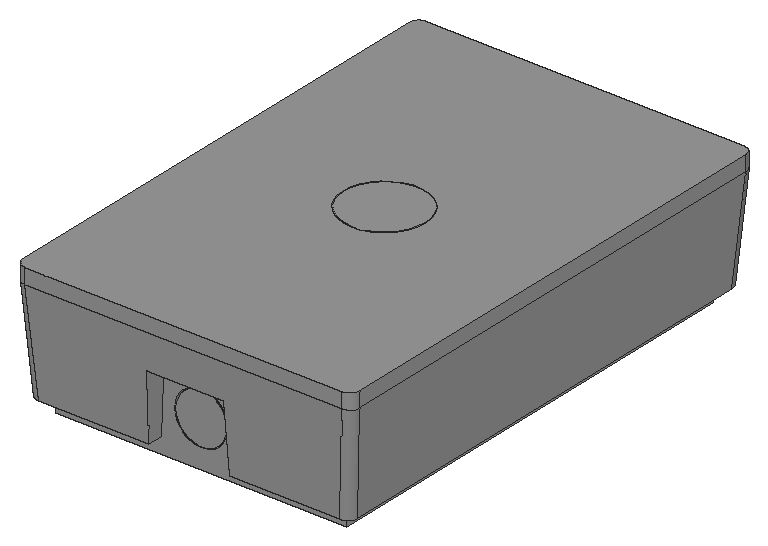
Revit family "0041734", category Lighting Fixtures, host Face, Revit 2016
Family settings
  Host = Face
  Part Type = Normal
  Round Connector Dimension = Use Diameter
  OmniClass Number = 23.80.70.00
  OmniClass Title = Lighting
  Cut with Voids When Loaded = No
  Light Source = Yes
  Shared = No
  Room Calculation Point = No
Parameters (values of type "0041734 SYLSAFE BAY HB C EMC NM MS ")
  Weight = "0.0 kg"
  Wattage Comments = ""
  Wattage = 3 W
  WarrantyStartDate [instance] = "n/a"
  WarrantyGuarantorParts = "n/a"
  WarrantyDurationUnit = "n/a"
  WarrantyDurationParts = "n/a"
  WarrantyDescription = "n/a"
  built-in parameter 1150110 = 1 (stored number, unit not read)
  Voltage = 0 V
  URL = "http://www.sylvania-lighting.com"
  TypeName = "SylSafe Bay HB C EMC NM MS"
  Type Image = <None>
  Type Comments = "n/a"
  built-in parameter 1114217 = 1 (stored number, unit not read)
  Tilt Angle = -90.00°
  built-in parameter 1150109 = 1 (stored number, unit not read)
  built-in parameter 1150134 = (empty or 0)
  built-in parameter 1150113 = 1 (stored number, unit not read)
  SerialNumber [instance] = "n/a"
  Photometric Web File = "0041734.ies"
  Material_3_SYL = LED-Sylvania
  PowerFactor = 0.44
  PowerConsumption = "3 W"
  NominalLength = 197 mm
  NominalHeight = 53 mm
  NominalDepth = 197 mm
  Name = "SylSafe Bay HB C EMC NM MS"
  ModelReference = Name  # "SylSafe Bay HB C EMC NM MS"
  ModelNumber = "0041734"
  Model = Name  # "SylSafe Bay HB C EMC NM MS"
  Material = "n/a"
  ManufacturerName = "Feilo Sylvania"
  Manufacturer = "Feilo Sylvania"
  LuminousEfficacy = "59 lm/W"
  built-in parameter 1150105 = 1226.2 (stored number, unit not read)
  Lumens = 177 lm
  LuminaireType = ""
  built-in parameter 1150115 = 1 (stored number, unit not read)
  LightOutputRatio = "n/a"
  built-in parameter 1150137 = (empty or 0)
  built-in parameter 1150139 = (empty or 0)
  LampsType = Lamp  # "LED"
  LampNominalLuminous = "177 lm"
  LampMacAdamStep = "n/a"
  LampColourTemperature = "5700 K"
  LampColourRenderingIndex = "75"
  built-in parameter 1150112 = 1 (stored number, unit not read)
  built-in parameter 1150114 = 1 (stored number, unit not read)
  Lamp = "LED"
  Keynote = "16500"
  InstallationDate [instance] = "n/a"
  InputVoltage = "n/a"
  InputNominalFrequency = "n/a"
  built-in parameter 1150132 = (empty or 0)
  built-in parameter 1150102 = (empty or 0)
  built-in parameter 1150107 = 5700 (stored number, unit not read)
  built-in parameter 1150138 = (empty or 0)
  IngressProtection = "IP65"
  ImpactProtectionIndex = "IK03"
  built-in parameter 1150106 = 12.262 (stored number, unit not read)
  IfcExportType = "IfcLightFixtureType"
  IfcExportAs = "IfcLightFixtureType"
  Emit from Circle Diameter = 30 mm
  Emit Shape Visible in Rendering = no
  ElectricShockClassification = "Class II"
  built-in parameter 1150104 = 5.4813 (stored number, unit not read)
  DocumentationLiterature = "http://www.sylvania-lighting.com/product/en-int/products/0041734"
  DimmingControlOptions = "n/a"
  Material_2_SYL = Polycarbonate, Clear
  Dimming Lamp Color Temperature Shift = <None>
  Description = "SylSafe Bay HB C EMC NM MS is a dust and waterproof surface mounted emergency luminaire for industrial applications. Highbay optics for high ceiling applications. Non-maintained version for central battery systems. 177lm, 3W, IK03, IP65. Power Factor 0.44. Class II electrical construction."
  Default Elevation = 1219.2 mm
  CreatedOn = "5/28/2019"
  CreatedBy = "@sylvania-lighting.com"
  Cost = 0
  Color Filter = 16777215
  built-in parameter 1114216 [instance] = (empty or 0)
  ClassificationValue = "EF_70_80"
  ClassificationName = "Uniclass2015"
  Material_1_SYL = PC/ABS Plastic
  BarCode [instance] = "n/a"
  built-in parameter 1114218 = 1 (stored number, unit not read)
  built-in parameter 1150133 = 10 (stored number, unit not read)
  AssetType = "Fixed"
  AssetIdentifier [instance] = "n/a"
  Assembly Code = "D5020200"
  Apparent Load = 3 VA
  Material_4_SYL = none
Reference planes
  plane 1 "Center (Front/Back)": y = 0
  plane 2: z = 0
  plane 3 "Center (Left/Right)": x = 0
  plane 4: y = 98.5
  plane 5: y = -98.5
  plane 6: x = -66
  plane 7: x = 66
  plane 8: x = -63
  plane 9: x = 63
  plane 10: x = -57
  plane 11: x = 57
  plane 12: z = 6
  plane 13: z = 53
  plane 14: z = 47
  plane 15: y = 95.5
  plane 16: y = -95.5
  plane 17: y = 89.5
  plane 18: y = -89.5
  plane 19: z = 18
  plane 20: z = 7
  plane 21: z = 33
  plane 22: x = -15
  plane 23: x = 15
  plane 24: x = -16
  plane 25: x = 16
  plane 26: z = 48
  plane 27: z = 52
Forms (mm)
  Extrusion 1, solid, material "PC/ABS Plastic" <- "Material_1_SYL"
    sketch origin (0, 0, 0) x (1, 0, 0) y (0, 1, 0)
      loop
        line (-57, 89.5) -> (-57, -89.5) -> (57, -89.5) -> (57, 89.5) -> (-57, 89.5)
    from 0 to 6
  Blend 2, solid, material "PC/ABS Plastic" <- "Material_1_SYL"
    base sketch origin (1223.4, -4572, 6) x (0, -1, 0) y (1, 0, 0)
      loop
        arc (-4667.5, -1282.4) -> (-4666.328, -1285.228) -> (-4663.5, -1286.4) r 4
        line (-4663.5, -1286.4) -> (-4480.5, -1286.4)
        arc (-4480.5, -1286.4) -> (-4477.672, -1285.228) -> (-4476.5, -1282.4) r 4
        line (-4476.5, -1282.4) -> (-4476.5, -1164.4)
        arc (-4476.5, -1164.4) -> (-4477.672, -1161.572) -> (-4480.5, -1160.4) r 4
        line (-4480.5, -1160.4) -> (-4663.5, -1160.4)
        arc (-4663.5, -1160.4) -> (-4666.328, -1161.572) -> (-4667.5, -1164.4) r 4
        line (-4667.5, -1164.4) -> (-4667.5, -1282.4)
    top sketch origin (1223.4, -4572, 6) x (0, -1, 0) y (1, 0, 0)
      loop
        arc (-4670.5, -1285.4) -> (-4669.328, -1288.228) -> (-4666.5, -1289.4) r 4
        line (-4666.5, -1289.4) -> (-4477.5, -1289.4)
        arc (-4477.5, -1289.4) -> (-4474.672, -1288.228) -> (-4473.5, -1285.4) r 4
        line (-4473.5, -1285.4) -> (-4473.5, -1161.4)
        arc (-4473.5, -1161.4) -> (-4474.672, -1158.572) -> (-4477.5, -1157.4) r 4
        line (-4477.5, -1157.4) -> (-4666.5, -1157.4)
        arc (-4666.5, -1157.4) -> (-4669.328, -1158.572) -> (-4670.5, -1161.4) r 4
        line (-4670.5, -1161.4) -> (-4670.5, -1285.4)
    from 0 to 41
  Extrusion 3, solid, material "PC/ABS Plastic" <- "Material_1_SYL"
    sketch origin (1223.4, -4572, 47) x (0, -1, 0) y (-1, 0, 0)
      loop
        arc (-4473.5, 1285.4) -> (-4474.672, 1288.228) -> (-4477.5, 1289.4) r 4
        line (-4477.5, 1289.4) -> (-4666.5, 1289.4)
        arc (-4666.5, 1289.4) -> (-4669.328, 1288.228) -> (-4670.5, 1285.4) r 4
        line (-4670.5, 1285.4) -> (-4670.5, 1161.4)
        arc (-4670.5, 1161.4) -> (-4669.328, 1158.572) -> (-4666.5, 1157.4) r 4
        line (-4666.5, 1157.4) -> (-4477.5, 1157.4)
        arc (-4477.5, 1157.4) -> (-4474.672, 1158.572) -> (-4473.5, 1161.4) r 4
        line (-4473.5, 1161.4) -> (-4473.5, 1285.4)
    from 0 to -6
  Extrusion 4, void
    sketch origin (1524, -98.5, 1219.2) x (-1, 0, 0) y (0, 0, 1)
      loop
        line (1540, -1213.2) -> (1539, -1186.2) -> (1509, -1186.2) -> (1508, -1213.2) -> (1540, -1213.2)
    from 0 to 9
  Extrusion 5, void
    sketch origin (1524, 98.5, 1219.2) x (-1, 0, 0) y (0, 0, 1)
      loop
        line (1539, -1186.2) -> (1509, -1186.2) -> (1508, -1213.2) -> (1540, -1213.2) -> (1539, -1186.2)
    from 0 to -9
  Extrusion 6, void
    sketch origin (1524, 89.5, 1219.2) x (-1, 0, 0) y (0, 0, 1)
      loop
        circle (1524, -1201.2) r 10
      loop
        circle (1524, -1201.2) r 10.5
    from 0 to -1
  Extrusion 7, void
    sketch origin (1524, -89.5, 1219.2) x (-1, 0, 0) y (0, 0, 1)
      loop
        circle (1524, -1201.2) r 10.5
      loop
        circle (1524, -1201.2) r 10
    from 0 to 1
  Extrusion 8, void
    sketch origin (1223.4, -4572, 53) x (-1, 0, 0) y (0, -1, 0)
      loop
        circle (1223.4, -4572) r 16
    from 0 to -5
  Extrusion 9, solid, material "Polycarbonate, Clear" <- "Material_2_SYL"
    sketch origin (1223.4, -4572, 53) x (0, -1, 0) y (-1, 0, 0)
      loop
        circle (-4572, 1223.4) r 16
    from 0 to 1
Cuts and joins
  Extrusion 4, Extrusion 6, Extrusion 7, Extrusion 8 cuts Extrusion 1
  Extrusion 4, Extrusion 5, Extrusion 6, Extrusion 7, Extrusion 8 cuts Blend 2
  joined: Extrusion 1, Blend 2
  Extrusion 8 cuts Extrusion 3
Lines and regions (mm)
  reference lines
    curve 1: circle (0, 0, 18) r 10 normal (0, -1, 0)
    curve 2: circle (0, 98.5, 18) r 10.5 normal (0, -1, 0)
    curve 3: circle (0, 0, 6) r 16 normal (0, 0, -1)
Dimensions and locks
  equal spacing: plane 6, plane 3 "Center (Left/Right)", plane 7
  locked: plane 6 to plane 7 at 132
  equal spacing: plane 5, plane 1 "Center (Front/Back)", plane 4
  locked: plane 5 to plane 4 at 197
  locked: plane 13 to host face at 53
  locked: plane 12 to host face at 6
  locked: plane 13 to plane 14 at 6
  equal spacing: plane 16, plane 1 "Center (Front/Back)", plane 15
  locked: plane 5 to plane 16 at 3
  equal spacing: plane 18, plane 1 "Center (Front/Back)", plane 17
  locked: plane 16 to plane 18 at 6
  equal spacing: plane 8, plane 3 "Center (Left/Right)", plane 9
  locked: plane 6 to plane 8 at 3
  equal spacing: plane 10, plane 3 "Center (Left/Right)", plane 11
  locked: plane 8 to plane 10 at 6
  equal spacing: plane 23, plane 3 "Center (Left/Right)", plane 22
  equal spacing: plane 25, plane 3 "Center (Left/Right)", plane 24
  locked: plane 25 to plane 24 at 32
  locked: plane 23 to plane 22 at 30
  plane 21 to plane 19 to plane 2 = 15 mm locked, 18 mm locked
  locked: plane 13 to plane 26 at 5
  locked: plane 13 to plane 27 at 1
  plane 1 "Center (Front/Back)" to host face = 200 mm
  radius of curve 1 = 10 mm
  radius of curve 2 = 10.5 mm
  aligned and locked: plane 2 to host face
  aligned and locked: level to host face
  aligned and locked: plane 17 to Extrusion 1 sketch curve
  aligned and locked: plane 10 to Extrusion 1 sketch curve
  aligned and locked: Extrusion 1 sketch curve to plane 18
  aligned and locked: Extrusion 1 sketch curve to plane 11
  aligned and locked: Extrusion 1 to plane 12
  aligned and locked: Extrusion 1 to level
  aligned and locked: Blend 2 sketch curve to plane 15
  aligned and locked: Blend 2 sketch curve to plane 8
  aligned and locked: plane 16 to Blend 2 sketch curve
  aligned and locked: plane 9 to Blend 2 sketch curve
  aligned and locked: Blend 2 sketch curve to plane 4
  aligned and locked: Blend 2 sketch curve to plane 6
  aligned and locked: plane 5 to Blend 2 sketch curve
  aligned and locked: plane 7 to Blend 2 sketch curve
  aligned and locked: Blend 2 to plane 14
  aligned and locked: plane 12 to Blend 2
  aligned and locked: Extrusion 3 sketch curve to Blend 2  (x4)
  aligned and locked: Extrusion 3 to plane 13
  aligned and locked: plane 14 to Extrusion 3
  aligned and locked: plane 24 to Extrusion 4 sketch curve
  aligned and locked: plane 21 to Extrusion 4 sketch curve
  aligned and locked: plane 25 to Extrusion 4 sketch curve
  aligned and locked: Extrusion 4 sketch curve to plane 12
  aligned and locked: Extrusion 4 to plane 18
  aligned and locked: plane 5 to Extrusion 4
  aligned and locked: Extrusion 5 sketch curve to cut or joined group of Extrusion 1, Blend 2, Extrusion 4, Extrusion 5, Extrusion 6, Extrusion 7, Extrusion 8  (x4)
  aligned and locked: plane 17 to Extrusion 5
  aligned and locked: Extrusion 5 to plane 4
  aligned and locked: Extrusion 6 sketch curve to curve 1
  aligned and locked: Extrusion 6 sketch curve to curve 2
  aligned and locked: Extrusion 6 to plane 17
  aligned and locked: Extrusion 7 sketch curve to curve 2
  aligned and locked: Extrusion 7 sketch curve to cut or joined group of Extrusion 1, Blend 2, Extrusion 4, Extrusion 5, Extrusion 6, Extrusion 7, Extrusion 8  (x2)
  aligned and locked: Extrusion 8 sketch curve to curve 3
  aligned and locked: Extrusion 8 to plane 13
  aligned and locked: Extrusion 9 sketch curve to cut or joined group of Extrusion 3, Extrusion 8  (x2)
  aligned and locked: plane 26 to Extrusion 8
  aligned and locked: plane 27 to Extrusion 9
  aligned and locked: Extrusion 9 to plane 13
  aligned and locked: Extrusion 8 to cut or joined group of Extrusion 3, Extrusion 8
  aligned and locked: cut or joined group of Extrusion 3, Extrusion 8 to Extrusion 8
  aligned and locked: imposter light to plane 13
  aligned and locked: plane 3 "Center (Left/Right)" to imposter light
  aligned and locked: imposter light to plane 1 "Center (Front/Back)"
Automatic sketch dimensions
  host sketch curve to host sketch curve = 400 mm  (x2)
  Blend 2 sketch curve to plane 17 = 2 mm
  Blend 2 sketch curve to plane 10 = 2 mm  (x2)
  plane 18 to Blend 2 sketch curve = 2 mm
  plane 15 to Blend 2 sketch curve = 1 mm
  plane 8 to Blend 2 sketch curve = 1 mm
  Blend 2 sketch curve to plane 10 = 5 mm
  Blend 2 sketch curve to plane 16 = 1 mm
  curve 1 to plane 3 "Center (Left/Right)" = 0 mm
  curve 1 to plane 19 = 0 mm
  Extrusion 4 sketch curve to plane 22 = 0 mm
  Extrusion 4 sketch curve to plane 23 = 0 mm
  curve 2 to plane 3 "Center (Left/Right)" = 0 mm
  curve 2 to plane 19 = 0 mm
  plane 1 "Center (Front/Back)" to curve 3 = 0 mm
  curve 3 to plane 3 "Center (Left/Right)" = 0 mm
  radius of curve 3 = 16 mm
